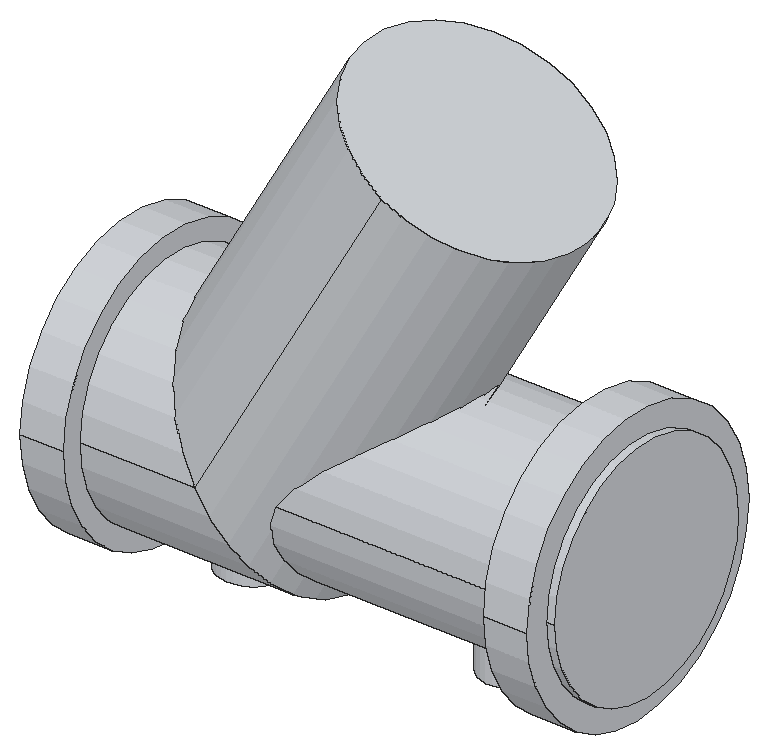
Revit family "HS 821-síto_standard-PN16-DN400-RFA_2018", category Pipe Accessories, Revit 2018
Family settings
  Round Connector Dimension = Use Diameter
  Part Type = Breaks Into
  Work Plane-Based = No
  Always vertical = Yes
  Cut with Voids When Loaded = No
  Shared = No
Parameters (values of type "821A-DN400-PN16-síto_standard")
  magiProductId = "d2f677cb196647e385b2590e7d8abe"
  magiProductFamilyId = "79214ac3aaa945e397802f559f5c1e"
  magiPartTypeId = 307
  isMeasuringValve [instance] = no
  ang2D [instance] = 0.00°
  ZB__ve = -ZB  # -89 mm
  ZB1 = 194.4 mm
  ZB = 89 mm
  X2 = 392.237 mm
  X1 = 154 mm
  W2D = 15 mm
  VersionID = "2.0/2017.9.26.1/ZETKAMA_821_001"
  Use Minimum Symbol Size [instance] = yes
  URL = "www.hydronix.cz"
  Type Comments = "Filtr přírubový; síto standardní; A-PN16 (-10~300°C); D-PN25 (-10~350°C); F-PN40 (-10~400°C)"
  S = 480 mm
  QmdConnectorList = "301;D;302;D"
  Productdata [instance] = ""
  Manufacturer = "Hydronix"
  MC Product Code = "200 197 (821A; DN400; PN16; kvs3460; oko síta 1,60mm)"
  LM1 = 88 mm
  LM = 880 mm
  L4 = 275 mm
  L2D_Min = 3048 mm
  L2D = 130 mm
  L2 = 550 mm
  HH2 = 679.375 mm
  FD = 580 mm
  Description = "Filtr přírubový; síto standardní; 821A-PN16; 821D-PN25; 821F-PN40"
  DM1 = 498 mm
  DM = 432 mm
  D = 400 mm
  CC = 18.7 mm
  CAT0 = yes
  C1 = 91.3 mm
  C = 110 mm
  BD = 136.08 mm
Types (40, lengths in mm): name | magiProductId | ZB__ve | ZB1 | ZB | X2 | X1 | S | MC Product Code | LM1 | LM | L4 | L2 | HH2 | FD | DM1 | DM | D | CC | C1 | C | BD
  821A-DN015-PN16-síto_standard | "a71bcfe8b393460598b23e8ddf7dc5" | -16.25 | 18.63 | 16.25 | 46.982 | 18.2 | 46 | "200 115 (821A; DN015; PN16; kvs6,3; oko síta 1,00mm)" | 10.4 | 104 | 32.5 | 65 | 81.375 | 95 | 27.6 | 41.4 | 15 | 2.21 | 10.79 | 13 | 13.041
  821A-DN020-PN16-síto_standard | "41cd6c7a12924f4991217528336076" | -17.75 | 22.68 | 17.75 | 51.673 | 21 | 56 | "200 120 (821A; DN020; PN16; kvs11,2; oko síta 1,00mm)" | 12 | 120 | 37.5 | 75 | 89.5 | 105 | 33.6 | 50.4 | 20 | 2.55 | 12.45 | 15 | 15.876
  821A-DN025-PN16-síto_standard | "be378b463ed14c3abf4c9b3ae8cf3a" | -19.25 | 26.325 | 19.25 | 58.601 | 22.4 | 65 | "200 125 (821A; DN025; PN16; kvs14,7; oko síta 1,00mm)" | 12.8 | 128 | 40 | 80 | 101.5 | 115 | 43.2 | 58.5 | 25 | 2.72 | 13.28 | 16 | 18.427
  821A-DN032-PN16-síto_standard | "227a0d18b21540afabe8b6067d35fa" | -23 | 30.78 | 23 | 68.849 | 25.2 | 76 | "200 132 (821A; DN032; PN16; kvs23,7; oko síta 1,00mm)" | 14.4 | 144 | 45 | 90 | 119.25 | 140 | 50.4 | 68.4 | 32 | 3.06 | 14.94 | 18 | 21.546
  821A-DN040-PN16-síto_standard | "d106917c74724141a10440112d0102" | -24.5 | 34.02 | 24.5 | 75.777 | 28 | 84 | "200 140 (821A; DN040; PN16; kvs37,7; oko síta 1,00mm)" | 16 | 160 | 50 | 100 | 131.25 | 150 | 60 | 75.6 | 40 | 3.4 | 16.6 | 20 | 23.814
  821A-DN050-PN16-síto_standard | "8255d456a09e4f6486734f5dd9171b" | -26.75 | 40.095 | 26.75 | 79.061 | 32.2 | 99 | "200 150 (821A; DN050 PN16; kvs57,9; oko síta 1,00mm)" | 18.4 | 184 | 57.5 | 115 | 136.938 | 165 | 73.8 | 89.1 | 50 | 3.91 | 19.09 | 23 | 28.066
  821A-DN065-PN16-síto_standard | "235b1b3e4c0843779a4d5e3716d40a" | -29.75 | 47.79 | 29.75 | 86.927 | 40.6 | 118 | "200 165 (821A; DN065; PN16; kvs101,5; oko síta 1,25mm)" | 23.2 | 232 | 72.5 | 145 | 150.562 | 185 | 94.2 | 106.2 | 65 | 4.93 | 24.07 | 29 | 33.453
  821A-DN080-PN16-síto_standard | "a067f7c5236348ed8c820d16df7214" | -32 | 53.46 | 32 | 104.753 | 43.4 | 132 | "200 180 (821A; DN080; PN16; kvs147,4; oko síta 1,25mm)" | 24.8 | 248 | 77.5 | 155 | 181.438 | 200 | 107.4 | 118.8 | 80 | 5.27 | 25.73 | 31 | 37.422
  821A-DN100-PN16-síto_standard | "c49a648c2747461285837d643703cd" | -35 | 63.18 | 35 | 114.857 | 49 | 156 | "200 190 (821A; DN100; PN16; kvs209,6; oko síta 1,60mm)" | 28 | 280 | 87.5 | 175 | 198.937 | 220 | 131.4 | 140.4 | 100 | 5.95 | 29.05 | 35 | 44.226
  821A-DN125-PN16-síto_standard | "bf68e728a163493cbd2a663b26ebdc" | -39.5 | 74.52 | 39.5 | 131.888 | 56 | 184 | "200 191 (821A; DN125; PN16; kvs326,2; oko síta 1,60mm)" | 32 | 320 | 100 | 200 | 228.438 | 250 | 165 | 165.6 | 125 | 6.8 | 33.2 | 40 | 52.164
  821A-DN150-PN16-síto_standard | "2de770284b654863ae6bc865769dc5" | -44.75 | 85.455 | 44.75 | 155.885 | 67.2 | 211 | "200 192 (821A; DN150; PN16; kvs403; oko síta 1,60mm)" | 38.4 | 384 | 120 | 240 | 270 | 285 | 192 | 189.9 | 150 | 8.16 | 39.84 | 48 | 59.818
  821A-DN200-PN16-síto_standard | "8e5693371ab64aabb29a7f08c76e15" | -53 | 107.73 | 53 | 188.361 | 84 | 266 | "200 193 (821A; DN200; PN16; kvs707; oko síta 1,60mm)" | 48 | 480 | 150 | 300 | 326.25 | 340 | 252 | 239.4 | 200 | 10.2 | 49.8 | 60 | 75.411
  821A-DN250-PN16-síto_standard | "05e37ed948c34047acdd4c42556504" | -62.75 | 129.195 | 62.75 | 255.911 | 102.2 | 319 | "200 194 (821A; DN250; PN16; kvs1234; oko síta 1,60mm)" | 58.4 | 584 | 182.5 | 365 | 443.25 | 405 | 309.6 | 287.1 | 250 | 12.41 | 60.59 | 73 | 90.436
  821A-DN300-PN16-síto_standard | "9ad0af747269428da925480d83ce80" | -71 | 149.85 | 71 | 325.914 | 119 | 370 | "200 195 (821A; DN300; PN16; kvs1916; oko síta 1,60mm)" | 68 | 680 | 212.5 | 425 | 564.5 | 460 | 369.6 | 333 | 300 | 14.45 | 70.55 | 85 | 104.895
  821A-DN350-PN16-síto_standard | "eebc71459bb3451bb4355e7951370a" | -80 | 173.745 | 80 | 356.875 | 137.2 | 429 | "200 196 (821A; DN350; PN16; kvs2621; oko síta 1,60mm)" | 78.4 | 784 | 245 | 490 | 618.125 | 520 | 438 | 386.1 | 350 | 16.66 | 81.34 | 98 | 121.621
  821A-DN400-PN16-síto_standard | "d2f677cb196647e385b2590e7d8abe" | -89 | 194.4 | 89 | 392.237 | 154 | 480 | "200 197 (821A; DN400; PN16; kvs3460; oko síta 1,60mm)" | 88 | 880 | 275 | 550 | 679.375 | 580 | 498 | 432 | 400 | 18.7 | 91.3 | 110 | 136.08
  821D-DN015-PN25-síto_standard | "27ddcbf555414f8ca1fde329bf9087" | -16.25 | 18.63 | 16.25 | 46.982 | 18.2 | 46 | "200 215 (821D; DN015; PN25; kvs6,3; oko síta 1,00mm)" | 10.4 | 104 | 32.5 | 65 | 81.375 | 95 | 27.6 | 41.4 | 15 | 2.21 | 10.79 | 13 | 13.041
  821D-DN020-PN25-síto_standard | "270e0f14012f47189cd0235c18faee" | -17.75 | 22.68 | 17.75 | 51.673 | 21 | 56 | "200 220 (821D; DN020; PN25; kvs11,2; oko síta 1,00mm)" | 12 | 120 | 37.5 | 75 | 89.5 | 105 | 33.6 | 50.4 | 20 | 2.55 | 12.45 | 15 | 15.876
  821D-DN025-PN25-síto_standard | "b9a7fb4aa36643878c637d8e1ab992" | -19.25 | 26.325 | 19.25 | 58.601 | 22.4 | 65 | "200 225 (821D; DN025; PN25; kvs14,7; oko síta 1,00mm)" | 12.8 | 128 | 40 | 80 | 101.5 | 115 | 43.2 | 58.5 | 25 | 2.72 | 13.28 | 16 | 18.427
  821D-DN032-PN25-síto_standard | "6be9a55c4e68400f94eec7e804204c" | -23 | 30.78 | 23 | 68.849 | 25.2 | 76 | "200 232 (821D; DN032; PN25; kvs23,7; oko síta 1,00mm)" | 14.4 | 144 | 45 | 90 | 119.25 | 140 | 50.4 | 68.4 | 32 | 3.06 | 14.94 | 18 | 21.546
  821D-DN040-PN25-síto_standard | "c54511bd7f584ec2984291479612cb" | -24.5 | 34.02 | 24.5 | 75.777 | 28 | 84 | "200 240 (821D; DN040; PN25; kvs37,7; oko síta 1,00mm)" | 16 | 160 | 50 | 100 | 131.25 | 150 | 60 | 75.6 | 40 | 3.4 | 16.6 | 20 | 23.814
  821D-DN050-PN25-síto_standard | "5483b1f596b04cd39b23a14a22c90e" | -26.75 | 40.095 | 26.75 | 79.061 | 32.2 | 99 | "200 250 (821D; DN050; PN25; kvs57,9; oko síta 1,00mm)" | 18.4 | 184 | 57.5 | 115 | 136.938 | 165 | 73.8 | 89.1 | 50 | 3.91 | 19.09 | 23 | 28.066
  821D-DN065-PN25-síto_standard | "767b0f8318e94750bc7a9930ed5b30" | -29.75 | 47.79 | 29.75 | 86.927 | 40.6 | 118 | "200 265 (821D; DN065; PN25; kvs101,5; oko síta 1,25mm)" | 23.2 | 232 | 72.5 | 145 | 150.562 | 185 | 94.2 | 106.2 | 65 | 4.93 | 24.07 | 29 | 33.453
  821D-DN080-PN25-síto_standard | "e21040fa3cc2404b858198f6b73709" | -32 | 53.46 | 32 | 104.753 | 43.4 | 132 | "200 280 (821D; DN080; PN25; kvs147,4; oko síta 1,25mm)" | 24.8 | 248 | 77.5 | 155 | 181.438 | 200 | 107.4 | 118.8 | 80 | 5.27 | 25.73 | 31 | 37.422
  821D-DN100-PN25-síto_standard | "175ca87a506b40b3bc6b82f12f33cf" | -37.25 | 63.18 | 37.25 | 114.857 | 49 | 156 | "200 290 (821D; DN100; PN25; kvs209,6; oko síta 1,60mm)" | 28 | 280 | 87.5 | 175 | 198.937 | 235 | 131.4 | 140.4 | 100 | 5.95 | 29.05 | 35 | 44.226
  821D-DN125-PN25-síto_standard | "77cc98d60da24855999a22dff726b2" | -42.5 | 74.52 | 42.5 | 131.888 | 56 | 184 | "200 291 (821D; DN125; PN25; kvs326,2; oko síta 1,60mm)" | 32 | 320 | 100 | 200 | 228.438 | 270 | 165 | 165.6 | 125 | 6.8 | 33.2 | 40 | 52.164
  821D-DN150-PN25-síto_standard | "9cf8acfcd15547d68e83172d3abcbe" | -47 | 85.455 | 47 | 155.885 | 67.2 | 211 | "200 292 (821D; DN150; PN25; kvs403; oko síta 1,60mm)" | 38.4 | 384 | 120 | 240 | 270 | 300 | 192 | 189.9 | 150 | 8.16 | 39.84 | 48 | 59.818
  821D-DN200-PN25-síto_standard | "16973f3c9ea14389ba8602495a6b64" | -56 | 110.97 | 56 | 188.361 | 84 | 274 | "200 293 (821D; DN200; PN25; kvs707; oko síta 1,60mm)" | 48 | 480 | 150 | 300 | 326.25 | 360 | 252 | 246.6 | 200 | 10.2 | 49.8 | 60 | 77.679
  821F-DN015-PN40-síto_standard | "4c7eaf3c4c0340888b3e684d8a8616" | -16.25 | 18.225 | 16.25 | 46.982 | 18.2 | 45 | "240 615 (821F; DN015; PN40; kvs6,3; oko síta 1,00mm)" | 10.4 | 104 | 32.5 | 65 | 81.375 | 95 | 27.6 | 40.5 | 15 | 2.21 | 10.79 | 13 | 12.757
  821F-DN020-PN40-síto_standard | "aaac5f1ec96b44d6ba96ac2293d66d" | -17.75 | 23.49 | 17.75 | 51.673 | 21 | 58 | "240 620 (821F; DN020; PN40; kvs11,2; oko síta 1,00mm)" | 12 | 120 | 37.5 | 75 | 89.5 | 105 | 33.6 | 52.2 | 20 | 2.55 | 12.45 | 15 | 16.443
  821F-DN025-PN40-síto_standard | "504768023968471481789485b54c7e" | -19.25 | 27.54 | 19.25 | 58.601 | 22.4 | 68 | "240 625 (821F; DN025; PN40; kvs14,7; oko síta 1,00mm)" | 12.8 | 128 | 40 | 80 | 101.5 | 115 | 43.2 | 61.2 | 25 | 2.72 | 13.28 | 16 | 19.278
  821F-DN032-PN40-síto_standard | "165e7f39cf744f329bdf1c400dad12" | -23 | 31.59 | 23 | 68.849 | 25.2 | 78 | "240 632 (821F; DN032; PN40; kvs23,7; oko síta 1,00mm)" | 14.4 | 144 | 45 | 90 | 119.25 | 140 | 50.4 | 70.2 | 32 | 3.06 | 14.94 | 18 | 22.113
  821F-DN040-PN40-síto_standard | "b8903f952089408fbf3a5a632bab1f" | -24.5 | 35.64 | 24.5 | 75.777 | 28 | 88 | "240 640 (821F; DN040; PN40; kvs37,7; oko síta 1,00mm)" | 16 | 160 | 50 | 100 | 131.25 | 150 | 60 | 79.2 | 40 | 3.4 | 16.6 | 20 | 24.948
  821F-DN050-PN40-síto_standard | "c451f97266fe48da8f879cb6a2bd44" | -26.75 | 41.31 | 26.75 | 79.061 | 32.2 | 102 | "240 650 (821F; DN050; PN40; kvs57,9; oko síta 1,00mm)" | 18.4 | 184 | 57.5 | 115 | 136.938 | 165 | 73.8 | 91.8 | 50 | 3.91 | 19.09 | 23 | 28.917
  821F-DN065-PN40-síto_standard | "dc9821e3f9b34e128f6a8c6b34c198" | -29.75 | 49.41 | 29.75 | 86.927 | 40.6 | 122 | "240 665 (821F; DN065; PN40; kvs101,5; oko síta 1,25mm)" | 23.2 | 232 | 72.5 | 145 | 150.562 | 185 | 94.2 | 109.8 | 65 | 4.93 | 24.07 | 29 | 34.587
  821F-DN080-PN40-síto_standard | "689aa1e260f84cf4994f027a1d86b5" | -32 | 55.89 | 32 | 104.753 | 43.4 | 138 | "240 680 (821F; DN080; PN40; kvs147,4; oko síta 1,25mm)" | 24.8 | 248 | 77.5 | 155 | 181.438 | 200 | 107.4 | 124.2 | 80 | 5.27 | 25.73 | 31 | 39.123
  821F-DN100-PN40-síto_standard | "8a45d4e8e2ab425f8c432f21d684f3" | -37.25 | 65.61 | 37.25 | 114.857 | 49 | 162 | "240 690 (821F; DN100; PN40; kvs209,6; oko síta 1,6mm)" | 28 | 280 | 87.5 | 175 | 198.937 | 235 | 131.4 | 145.8 | 100 | 5.95 | 29.05 | 35 | 45.927
  821F-DN125-PN40-síto_standard | "cf073904c006406b8645afa67ea2fc" | -42.5 | 76.14 | 42.5 | 131.888 | 56 | 188 | "240 691 (821F; DN125; PN40; kvs326,2; oko síta 1,6mm)" | 32 | 320 | 100 | 200 | 228.438 | 270 | 165 | 169.2 | 125 | 6.8 | 33.2 | 40 | 53.298
  821F-DN150-PN40-síto_standard | "0153b9ddabe14992a630484929fdbc" | -47 | 88.29 | 47 | 155.885 | 67.2 | 218 | "240 692 (821F; DN150; PN40; kvs403; oko síta 1,6mm)" | 38.4 | 384 | 120 | 240 | 270 | 300 | 192 | 196.2 | 150 | 8.16 | 39.84 | 48 | 61.803
  821F-DN200-PN40-síto_standard | "7fb3fc01dd8d42428c203e3f8dd4d5" | -56 | 115.425 | 56 | 188.361 | 84 | 285 | "240 693 (821F; DN200; PN40; kvs707; oko síta 1,6mm)" | 48 | 480 | 150 | 300 | 326.25 | 360 | 252 | 256.5 | 200 | 10.2 | 49.8 | 60 | 80.797
Reference planes
  plane 1 "Center (Front/Back)": y = 0
  plane 2 "XYPLANE": z = 0
  plane 3 "Center (Left/Right)": x = 0
  plane 4 "109": x = -352
  plane 5 "108": x = 440
  plane 6 "107": x = -440
  plane 7 "105": x = 550
  plane 8 "104": x = -550
  plane 9 "103": y = 0
  plane 10 "102": z = 0
  plane 11 "101": x = -531.3
  plane 12 "100": x = 531.3
  plane 13 "11": x = -198
  plane 14 "10": z = 679.375
  plane 15 "9": x = 194.237
  plane 16 "5": z = -194.4
  plane 17 "4": x = -275
  plane 18 "1": x = 275
Forms (mm)
  Extrusion 1, solid, visible <- "CAT0"
    sketch origin (-440, -750, 0) x (0, 1, 0) y (0, 0, 1)
      loop
        circle (750, 0) r 216
    from 0 to 880 <- "LM"
  Extrusion 2, solid
    sketch origin (-550, -750, 0) x (0, 1, 0) y (0, 0, 1)
      loop
        circle (750, 0) r 240
    from 0 to 18.7 <- "CC"
  Extrusion 3, solid
    sketch origin (-531.3, -750, 0) x (0, 1, 0) y (0, 0, 1)
      loop
        circle (750, 0) r 290
    from 0 to 91.3 <- "C1"
  Extrusion 4, solid
    sketch origin (440, -750, 0) x (0, 1, 0) y (0, 0, 1)
      loop
        circle (750, 0) r 290
    from 0 to 91.3 <- "C1"
  Extrusion 5, solid
    sketch origin (531.3, -750, 0) x (0, 1, 0) y (0, 0, 1)
      loop
        circle (750, 0) r 240
    from 0 to 18.7 <- "CC"
  Sweep 6, solid, visible <- "CAT0"
    path origin (750, 0, 0) x (-1, 0, 0) y (0, 0, 1)
      loop
        line (1190, 0) -> (948, 0) -> (555.763, 679.375)
    profile origin (-440, 0, 0) x (0, 0, -1) y (0, 1, 0)
      loop
        circle (0, 0) r 249
  Extrusion 7, solid, visible <- "CAT0"
    sketch origin (-750, 0, -194.4) x (1, 0, 0) y (0, 1, 0)
      loop
        circle (475, 0) r 68.04
    from 0 to -89 <- "ZB__ve"
  Extrusion 8, solid, visible <- "CAT0"
    sketch origin (-750, 0, -194.4) x (1, 0, 0) y (0, 1, 0)
      loop
        circle (1025, 0) r 68.04
    from 0 to -89 <- "ZB__ve"
  Extrusion 9, solid, not visible
    sketch origin (550, -750, 0) x (0, 1, 0) y (0, 0, 1)
      loop
        circle (750, 0) r 10
    from 0 to -10
  Extrusion 10, solid, not visible
    sketch origin (-550, -750, 0) x (0, 1, 0) y (0, 0, 1)
      loop
        circle (750, 0) r 10
    from 0 to 10
Lines and regions (mm)
  reference lines, not visible
    curve 1: circle (2, 2, 0) r 1 normal (0, 0, 1)
Dimensions and locks
  plane 1 "Center (Front/Back)" to curve 1 = 2 mm
  "LM1": plane 6 "107" to plane 4 "109"
  "LM": plane 6 "107" to plane 5 "108"
  "C": plane 8 "104" to plane 6 "107"
  "L2": plane 3 "Center (Left/Right)" to plane 7 "105"
  "L2": plane 3 "Center (Left/Right)" to plane 8 "104"
  locked: plane 1 "Center (Front/Back)" to plane 9 "103"
  locked: plane 2 "XYPLANE" to plane 10 "102"
  "CC": plane 8 "104" to plane 11 "101"
  "C1": plane 5 "108" to plane 12 "100"
  "X1": plane 4 "109" to plane 13 "11"
  "HH2": plane 2 "XYPLANE" to plane 14 "10"
  "X2": plane 13 "11" to plane 15 "9"
  "ZB1": plane 2 "XYPLANE" to plane 16 "5"
  "L4": plane 8 "104" to plane 17 "4"
  "L2": plane 17 "4" to plane 18 "1"
  Sweep 6 sketch curve to Sweep 6 sketch curve = 0 mm  (x2)
  "DM": diameter of Extrusion 1 sketch curve
  "S": diameter of Extrusion 2 sketch curve
  "FD": diameter of Extrusion 3 sketch curve
  "FD": diameter of Extrusion 4 sketch curve
  "S": diameter of Extrusion 5 sketch curve
  "DM1": diameter of Sweep 6 sketch curve
  "BD": diameter of Extrusion 7 sketch curve
  "BD": diameter of Extrusion 8 sketch curve
  aligned and locked: level to plane 2 "XYPLANE"
  aligned and locked: Extrusion 1 sketch curve to plane 9 "103"
  aligned and locked: plane 10 "102" to Extrusion 1 sketch curve
  aligned and locked: Extrusion 2 sketch curve to plane 9 "103"
  aligned and locked: plane 10 "102" to Extrusion 2 sketch curve
  aligned and locked: Extrusion 3 sketch curve to plane 9 "103"
  aligned and locked: plane 10 "102" to Extrusion 3 sketch curve
  aligned and locked: Extrusion 4 sketch curve to plane 9 "103"
  aligned and locked: plane 10 "102" to Extrusion 4 sketch curve
  aligned and locked: Extrusion 5 sketch curve to plane 9 "103"
  aligned and locked: plane 10 "102" to Extrusion 5 sketch curve
  aligned and locked: Sweep 6 sketch curve to plane 9 "103"
  aligned and locked: plane 10 "102" to Sweep 6 sketch curve  (x3)
  aligned and locked: plane 6 "107" to Sweep 6 sketch curve
  aligned and locked: plane 13 "11" to Sweep 6 sketch curve
  aligned and locked: plane 14 "10" to Sweep 6 sketch curve
  aligned and locked: plane 15 "9" to Sweep 6 sketch curve
  aligned and locked: plane 9 "103" to Extrusion 7 sketch curve
  aligned and locked: plane 17 "4" to Extrusion 7 sketch curve
  aligned and locked: plane 9 "103" to Extrusion 8 sketch curve
  aligned and locked: plane 18 "1" to Extrusion 8 sketch curve
  aligned and locked: Extrusion 9 sketch curve to plane 9 "103"
  aligned and locked: plane 10 "102" to Extrusion 9 sketch curve
  aligned and locked: Extrusion 10 sketch curve to plane 9 "103"
  aligned and locked: plane 10 "102" to Extrusion 10 sketch curve
Automatic sketch dimensions
  plane 1 "Center (Front/Back)" to Extrusion 9 sketch curve = 10 mm
  plane 1 "Center (Front/Back)" to Extrusion 10 sketch curve = 10 mm
  plane 3 "Center (Left/Right)" to curve 1 = 2 mm
  radius of curve 1 = 1 mm
Connectors
  piping at (-550, 0, 0), diameter 400, driven by "D"
    settings: on Extrusion 10, index 1, connector inside diameter 609.6 mm, connector length 0 mm, flow factor 0, pipe flow 0.0 L/s, pressure drop 0.0 Pa, fitting loss kfactor 0, connector angle 0.00°, fixture units 0, engagement length 0 mm, angle of deflection 0.00°, flow configuration 0, flow direction 0, fitting loss method 0, system type 29, joint type 0, gender type 0, connector reference index 2, connector utility 0, adjustable connector no, is connector primary yes, connector description ""
  piping at (550, 0, 0), diameter 400, driven by "D"
    settings: on Extrusion 9, index 2, connector inside diameter 609.6 mm, connector length 0 mm, flow factor 0, pipe flow 0.0 L/s, pressure drop 0.0 Pa, fitting loss kfactor 0, connector angle 0.00°, fixture units 0, engagement length 0 mm, angle of deflection 0.00°, flow configuration 0, flow direction 0, fitting loss method 0, system type 29, joint type 0, gender type 0, connector reference index 1, connector utility 0, adjustable connector no, is connector primary no, connector description ""
